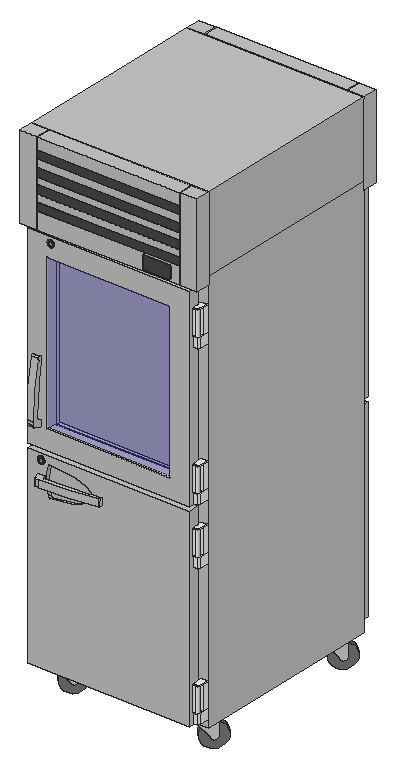
Revit family "QF_Turbo Air_PRO-26R-GSH-PT", category Specialty Equipment, Revit 2014 (continued)
Definition of nested family "QF_Turbo Air_RI-Solid Door"
  Automatic sketch dimensions
    Extrusion 3 sketch curve to Extrusion 3 sketch curve = 0' - 0.65261"
    plane 3 "LEFT" to Extrusion 3 sketch curve = 0' - 10.44723"
    Extrusion 3 sketch curve to Extrusion 3 sketch curve = 0' - 0 3/16"  (x2)
    Extrusion 3 sketch curve to Extrusion 3 sketch curve = 0' - 1 3/16"
    plane 3 "LEFT" to Extrusion 3 sketch curve = 0' - 3.31795"
    Extrusion 3 sketch curve to Extrusion 3 sketch curve = 0' - 0.16072"
    Extrusion 3 sketch curve to Extrusion 3 sketch curve = 0' - 0.37763"
    Extrusion 3 sketch curve to Extrusion 3 sketch curve = 0' - 0.3975"
    Extrusion 3 sketch curve to Extrusion 3 sketch curve = 0' - 0.61377"
    Extrusion 3 sketch curve to Extrusion 3 sketch curve = 0' - 1"
    Extrusion 3 sketch curve to Extrusion 3 sketch curve = 0' - 0"
    Extrusion 4 sketch curve to plane 20 "Hinges Front" = 0' - 0 7/16"  (x2)
    plane 1 "Door Back" to Extrusion 6 sketch curve = 0' - 0 1/4"
    plane 20 "Hinges Front" to Extrusion 7 sketch curve = 0' - 0"
    Extrusion 7 sketch curve to plane 20 "Hinges Front" = 0' - 0 7/16"  (x2)
    Extrusion 8 sketch curve to plane 20 "Hinges Front" = 0' - 0 7/16"  (x2)
    Extrusion 11 sketch curve to plane 20 "Hinges Front" = 0' - 0 7/16"  (x2)
    Extrusion 12 sketch curve to plane 20 "Hinges Front" = 0' - 0 7/16"  (x2)
    Extrusion 15 sketch curve to plane 20 "Hinges Front" = 0' - 0 7/16"  (x2)
    curve 12 to curve 12 = 0' - 0.05794"
    curve 18 to curve 17 = 0' - 0.09088"
    Extrusion 3 sketch curve to plane 21 "Hinges Back" = 3' - 1.37033"
    plane 1 "Door Back" to Extrusion 10 sketch curve = 0' - 0 1/4"
    plane 1 "Door Back" to Extrusion 14 sketch curve = 0' - 0 1/4"
    plane 21 "Hinges Back" to curve 5 = 0' - 0"
    radius of Extrusion 16 sketch curve = 0' - 0 9/16"
    radius of Extrusion 16 sketch curve = 0' - 0 5/16"
Definition of nested family "QF_Turbo Air_RI-Half Glass Door"
  Parameters (values of type "QF_Turbo Air_RI-Half Glass Door")
    Width [instance] = 2' - 4 3/4"
    Watermarked By = ""
    Symbolic Lines Handle [instance] = yes
    Symbolic Line [instance] = yes
    Height [instance] = 2' - 7 1/4"
  Reference planes (in)
    plane 1 "Door Back": y = 0
    plane 2: z = 0
    plane 3 "LEFT": x = -16.56573
    plane 4 "Door Front": y = -1.75
    plane 5 "RIGHT": x = 12.18427
    plane 6 "TOP": z = 31.25
    plane 7: x = -13.44073
    plane 8: x = 9.05927
    plane 9: z = 28.125
    plane 10: z = 3.125
    plane 11 "Handle CL": x = -15.00323
    plane 12 "Hinge Right": x = 13.4379
    plane 13 "Bottom Hinge Top": z = 6.00894
    plane 14 "Bottom Hinge Bottom": z = 0.25894
    plane 15: z = 1.88394
    plane 16 "BACK": y = 0.625
    plane 17: z = 28.75
    plane 18: z = 23
    plane 19: z = 24.625
  Forms (in)
    Extrusion 1, solid, material "QF_Stainless-Polished"
      sketch origin (0, 0, 0) x (1, 0, 0) y (0, 0, 1)
        loop
          line (-16.56573, 31.25) -> (-16.56573, 0) -> (12.18427, 0) -> (12.18427, 31.25) -> (-16.56573, 31.25)
        loop
          line (-13.44073, 28.125) -> (-13.44073, 3.125) -> (9.05927, 3.125) -> (9.05927, 28.125) -> (-13.44073, 28.125)
      from 0 to 1.75
    Extrusion 2, solid, material "QF_Glass-Cast-Clear"
      sketch origin (0, 0, 0) x (1, 0, 0) y (0, 0, 1)
        loop
          line (-13.44073, 28.125) -> (-13.44073, 3.125) -> (9.05927, 3.125) -> (9.05927, 28.125) -> (-13.44073, 28.125)
      from 0.25 to 1.5
    Extrusion 3, solid, material "QF_Stainless-Polished"
      sketch origin (-15.00323, 1.89763, 8.25) x (0, 1, 0) y (0, 0, 1)
        loop
          line (-3.64763, -5.125) -> (-3.64763, -4.125) -> (-4.30918, -3.7275)
          arc (-4.30918, -3.7275) -> (-4.37477, -3.66091) -> (-4.40006, -3.57092) r 0.1875
          arc (-4.40006, -3.57092) -> (-4.32015, 0.02086) -> (-3.92274, 3.59147) r 40.5625
          arc (-3.92274, 3.59147) -> (-3.85941, 3.70496) -> (-3.7375, 3.75) r 0.1875
          line (-3.7375, 3.75) -> (-3.64763, 3.75) -> (-3.64763, 5.125) -> (-3.93268, 5.125)
          arc (-3.93268, 5.125) -> (-4.0511, 5.08287) -> (-4.11631, 4.97542) r 0.1875
          arc (-4.11631, 4.97542) -> (-4.78246, 0.53653) -> (-4.96013, -3.94854) r 41.0625
          line (-4.96013, -3.94854) -> (-4.96013, -4.56232)
          arc (-4.96013, -4.56232) -> (-4.92432, -4.67253) -> (-4.83057, -4.74064) r 0.1875
          line (-4.83057, -4.74064) -> (-3.64763, -5.125)
      from -0.5625 to 0.5625
    Extrusion 4, void
      sketch origin (0, 0, 0) x (1, 0, 0) y (0, 0, 1)
        loop
          circle (-12.81573, 30.3125) r 0.5625
        loop
          circle (-12.81573, 30.3125) r 0.3125
      from 0 to 1.75
    Extrusion 5, solid, material "QF_Plastic-Black-Fine Textured"
      sketch origin (0, 0, 0) x (1, 0, 0) y (0, 0, 1)
        loop
          circle (-12.81573, 30.3125) r 0.5625
        loop
          circle (-12.81573, 30.3125) r 0.3125
      from 0 to 1.75
    Extrusion 6, solid, material "QF_Steel-Chrome Plated"
      sketch origin (0, 0, 0.25894) x (0, 1, 0) y (-1, 0, 0)
        loop
          line (0.625, -13.31588) -> (0.625, -12.24743) -> (-0.75, -12.3129) -> (-1.1875, -12.43783) -> (-1.1875, -13.12548) -> (-0.75, -13.2504) -> (0.625, -13.31588)
      from 0 to 1.625
    Extrusion 7, solid, material "QF_Steel-Chrome Plated"
      sketch origin (0, 0, 6.00894) x (0, 1, 0) y (-1, 0, 0)
        loop
          line (-0.5625, -12.1879) -> (-1.1875, -12.1879) -> (-1.1875, -12.78165)
          arc (-1.1875, -12.78165) -> (-0.875, -13.09415) -> (-0.5625, -12.78165) r 0.3125
          line (-0.5625, -12.78165) -> (-0.5625, -12.1879)
      from -0.125 to -4.125
    Extrusion 8, solid, material "QF_Steel-Chrome Plated"
      sketch origin (0, 0, 6.00894) x (0, 1, 0) y (-1, 0, 0)
        loop
          line (0.625, -12.24743) -> (-0.25, -12.2891) -> (-0.25, -13.27421) -> (0.625, -13.31588) -> (0.625, -12.24743)
      from -0.125 to -4.125
    Extrusion 9, solid, material "QF_Steel-Chrome Plated"
      sketch origin (0, 0, 6.00894) x (0, 1, 0) y (-1, 0, 0)
        loop
          line (0.625, -13.31588) -> (0.625, -12.24743) -> (-0.75, -12.3129) -> (-1.1875, -12.43783) -> (-1.1875, -13.12548) -> (-0.75, -13.2504) -> (0.625, -13.31588)
      from 0 to -0.125
    Extrusion 10, solid, material "QF_Steel-Chrome Plated"
      sketch origin (-237.49637, 20.99197, 23) x (0, 1, 0) y (-1, 0, 0)
        loop
          line (-20.36697, -250.81225) -> (-20.36697, -249.7438) -> (-21.74197, -249.80927) -> (-22.17947, -249.9342) -> (-22.17947, -250.62185) -> (-21.74197, -250.74677) -> (-20.36697, -250.81225)
      from 0 to 1.625
    Extrusion 11, solid, material "QF_Steel-Chrome Plated"
      sketch origin (-237.49637, 20.99197, 28.75) x (0, 1, 0) y (-1, 0, 0)
        loop
          line (-21.55447, -249.68427) -> (-22.17947, -249.68427) -> (-22.17947, -250.27802)
          arc (-22.17947, -250.27802) -> (-21.86697, -250.59052) -> (-21.55447, -250.27802) r 0.3125
          line (-21.55447, -250.27802) -> (-21.55447, -249.68427)
      from -0.125 to -4.125
    Extrusion 12, solid, material "QF_Steel-Chrome Plated"
      sketch origin (-237.49637, 20.99197, 28.75) x (0, 1, 0) y (-1, 0, 0)
        loop
          line (-20.36697, -249.7438) -> (-21.24197, -249.78547) -> (-21.24197, -250.77058) -> (-20.36697, -250.81225) -> (-20.36697, -249.7438)
      from -0.125 to -4.125
    Extrusion 13, solid, material "QF_Steel-Chrome Plated"
      sketch origin (-237.49637, 20.99197, 28.75) x (0, 1, 0) y (-1, 0, 0)
        loop
          line (-20.36697, -250.81225) -> (-20.36697, -249.7438) -> (-21.74197, -249.80927) -> (-22.17947, -249.9342) -> (-22.17947, -250.62185) -> (-21.74197, -250.74677) -> (-20.36697, -250.81225)
      from 0 to -0.125
  Cuts and joins
    Extrusion 4 cuts Extrusion 1
  Lines and regions (in)
    symbolic lines, visible <- "Symbolic Line"
      curve 1: line (-16.56573, 0, 0) -> (12.18427, 0, 0)
      curve 2: line (-16.56573, -1.75, 0) -> (-16.56573, 0, 0)
      curve 3: line (12.18427, -1.75, 0) -> (-16.56573, -1.75, 0)
      curve 4: line (12.18427, 0, 0) -> (12.18427, -1.75, 0)
    symbolic lines, visible <- "Symbolic Lines Handle"
      curve 5: line (-15.56573, -1.75, 0) -> (-15.56573, -3.06717, 0)
      curve 6: line (-15.56573, -3.06717, 0) -> (-14.44073, -3.06717, 0)
      curve 7: line (-14.44073, -3.06717, 0) -> (-14.44073, -1.75, 0)
  Dimensions and locks (in)
    locked: plane 4 "Door Front" to plane 1 "Door Back" at 1.75
    "Width": plane 5 "RIGHT" to plane 3 "LEFT"
    "Height": plane 6 "TOP" to plane 2
    locked: plane 3 "LEFT" to plane 7 at 3.125
    locked: plane 8 to plane 5 "RIGHT" at 3.125
    locked: plane 10 to level at 3.125
    locked: plane 6 "TOP" to plane 9 at 3.125
    equal spacing: plane 3 "LEFT", plane 11 "Handle CL", plane 7
    locked: Extrusion 4 sketch curve to plane 3 "LEFT" at 3.75  (x2)
    locked: plane 6 "TOP" to Extrusion 4 sketch curve at 0.9375  (x2)
    locked: plane 13 "Bottom Hinge Top" to plane 14 "Bottom Hinge Bottom" at 5.75
    locked: plane 15 to plane 14 "Bottom Hinge Bottom" at 1.625
    locked: Extrusion 6 sketch curve to Extrusion 6 sketch curve at 1.06845
    locked: Extrusion 6 sketch curve to Extrusion 6 sketch curve at 0.9375
    locked: Extrusion 6 sketch curve to plane 12 "Hinge Right" at 0.1875
    locked: Extrusion 6 sketch curve to Extrusion 6 sketch curve at 0.68764
    locked: Extrusion 6 sketch curve to plane 12 "Hinge Right" at 0.31243
    locked: Extrusion 8 sketch curve to Extrusion 8 sketch curve at 1.06845
    locked: Extrusion 8 sketch curve to plane 12 "Hinge Right" at 0.12202
    locked: Extrusion 8 sketch curve to Extrusion 8 sketch curve at 0.98512
    locked: Extrusion 8 sketch curve to plane 12 "Hinge Right" at 0.16369
    locked: Extrusion 9 sketch curve to Extrusion 9 sketch curve at 1.06845
    locked: Extrusion 9 sketch curve to Extrusion 9 sketch curve at 0.9375
    locked: Extrusion 9 sketch curve to Extrusion 9 sketch curve at 0.68764
    locked: Extrusion 9 sketch curve to plane 12 "Hinge Right" at 0.12202
    locked: Extrusion 9 sketch curve to plane 12 "Hinge Right" at 0.1875
    locked: Extrusion 9 sketch curve to plane 12 "Hinge Right" at 0.31243
    locked: plane 1 "Door Back" to plane 16 "BACK" at 0.625
    locked: plane 17 to plane 18 at 5.75
    locked: plane 19 to plane 18 at 1.625
    locked: plane 6 "TOP" to plane 17 at 2.5
    locked: Extrusion 10 sketch curve to Extrusion 10 sketch curve at 1.06845
    locked: Extrusion 10 sketch curve to Extrusion 10 sketch curve at 0.9375
    locked: Extrusion 10 sketch curve to Extrusion 10 sketch curve at 0.68764
    locked: Extrusion 12 sketch curve to Extrusion 12 sketch curve at 1.06845
    locked: Extrusion 12 sketch curve to Extrusion 12 sketch curve at 0.98512
    locked: Extrusion 13 sketch curve to Extrusion 13 sketch curve at 1.06845
    locked: Extrusion 13 sketch curve to Extrusion 13 sketch curve at 0.9375
    locked: Extrusion 13 sketch curve to Extrusion 13 sketch curve at 0.68764
    locked: Extrusion 6 sketch curve to plane 12 "Hinge Right" at 0.12202
    locked: plane 5 "RIGHT" to plane 12 "Hinge Right" at 1.25363
    aligned and locked: level to plane 2
    aligned and locked: Extrusion 1 sketch curve to plane 6 "TOP"
    aligned and locked: plane 3 "LEFT" to Extrusion 1 sketch curve
    aligned and locked: level to Extrusion 1 sketch curve
    aligned and locked: Extrusion 1 sketch curve to plane 5 "RIGHT"
    aligned and locked: Extrusion 1 sketch curve to plane 9
    aligned and locked: plane 7 to Extrusion 1 sketch curve
    aligned and locked: plane 10 to Extrusion 1 sketch curve
    aligned and locked: Extrusion 1 sketch curve to plane 8
    aligned and locked: plane 4 "Door Front" to Extrusion 1
    aligned and locked: Extrusion 2 sketch curve to plane 9
    aligned and locked: plane 7 to Extrusion 2 sketch curve
    aligned and locked: plane 10 to Extrusion 2 sketch curve
    aligned and locked: Extrusion 2 sketch curve to plane 8
    aligned and locked: plane 1 "Door Back" to curve 1
    aligned and locked: plane 3 "LEFT" to curve 2
    aligned and locked: curve 3 to plane 4 "Door Front"
    aligned and locked: curve 4 to plane 5 "RIGHT"
    aligned and locked: plane 4 "Door Front" to Extrusion 4
    aligned and locked: Extrusion 5 sketch curve to cut or joined group of Extrusion 1, Extrusion 4  (x4)
    aligned and locked: plane 4 "Door Front" to Extrusion 5
    aligned and locked: plane 15 to Extrusion 6
    aligned and locked: Extrusion 7 to plane 15
    aligned and locked: Extrusion 8 to plane 15
    aligned and locked: plane 19 to Extrusion 10
    aligned and locked: Extrusion 12 to plane 19
    aligned and locked: Extrusion 11 to plane 19
  Automatic sketch dimensions
    curve 6 to plane 11 "Handle CL" = 0' - 0 9/16"
    plane 11 "Handle CL" to curve 7 = 0' - 0 9/16"
    plane 4 "Door Front" to curve 5 = 0' - 1.31717"
    Extrusion 3 sketch curve to plane 4 "Door Front" = 0' - 0"  (x2)
    Extrusion 3 sketch curve to plane 10 = 0' - 0"
    plane 4 "Door Front" to Extrusion 3 sketch curve = 0' - 0.08987"
    plane 4 "Door Front" to Extrusion 3 sketch curve = 0' - 0.28505"
    plane 4 "Door Front" to Extrusion 3 sketch curve = 0' - 0.56498"
    Extrusion 3 sketch curve to Extrusion 3 sketch curve = 0' - 0.09657"
    Extrusion 3 sketch curve to Extrusion 3 sketch curve = 0' - 0.46345"
    plane 10 to Extrusion 3 sketch curve = 0' - 0.38436"
    Extrusion 3 sketch curve to Extrusion 3 sketch curve = 0' - 0.05794"
    Extrusion 3 sketch curve to Extrusion 3 sketch curve = 0' - 0 3/16"  (x3)
    Extrusion 3 sketch curve to plane 13 "Bottom Hinge Top" = 0' - 1.0879"
    Extrusion 3 sketch curve to plane 16 "BACK" = 3' - 1.37033"
    Extrusion 3 sketch curve to plane 13 "Bottom Hinge Top" = 0' - 0.43528"
    Extrusion 3 sketch curve to Extrusion 3 sketch curve = 0' - 0.05487"
    Extrusion 3 sketch curve to Extrusion 3 sketch curve = 0' - 1"
    Extrusion 3 sketch curve to Extrusion 3 sketch curve = 0' - 0.61377"
    Extrusion 3 sketch curve to Extrusion 3 sketch curve = 0' - 0.22104"
    Extrusion 3 sketch curve to Extrusion 3 sketch curve = 0' - 0.16072"
    plane 13 "Bottom Hinge Top" to Extrusion 3 sketch curve = 0' - 5.80357"
    Extrusion 3 sketch curve to Extrusion 3 sketch curve = 0' - 1 3/16"
    Extrusion 3 sketch curve to Extrusion 3 sketch curve = 0' - 0"
    plane 16 "BACK" to Extrusion 6 sketch curve = 0' - 0"
    plane 1 "Door Back" to Extrusion 6 sketch curve = 0' - 0 3/4"  (x2)
    Extrusion 6 sketch curve to Extrusion 6 sketch curve = 0' - 0 7/16"
    plane 5 "RIGHT" to Extrusion 7 sketch curve = 0' - 0.00363"
    Extrusion 7 sketch curve to plane 4 "Door Front" = 0' - 0 9/16"
    Extrusion 7 sketch curve to Extrusion 7 sketch curve = 0' - 0 5/16"
    Extrusion 7 sketch curve to Extrusion 7 sketch curve = 0' - 0 19/32"
    plane 16 "BACK" to Extrusion 8 sketch curve = 0' - 0"
    plane 1 "Door Back" to Extrusion 8 sketch curve = 0' - 0 1/4"
    plane 16 "BACK" to Extrusion 9 sketch curve = 0' - 0"
    plane 1 "Door Back" to Extrusion 9 sketch curve = 0' - 0 3/4"  (x2)
    Extrusion 9 sketch curve to Extrusion 9 sketch curve = 0' - 0 7/16"
    plane 16 "BACK" to Extrusion 10 sketch curve = 0' - 0"
    Extrusion 10 sketch curve to plane 12 "Hinge Right" = 0' - 0 3/16"
    plane 1 "Door Back" to Extrusion 10 sketch curve = 0' - 0 3/4"  (x2)
    Extrusion 10 sketch curve to Extrusion 10 sketch curve = 0' - 0 7/16"
    Extrusion 10 sketch curve to plane 12 "Hinge Right" = 0' - 0.12202"
    Extrusion 10 sketch curve to plane 12 "Hinge Right" = 0' - 0.31243"
    plane 5 "RIGHT" to Extrusion 11 sketch curve = 0' - 0.00363"
    Extrusion 11 sketch curve to plane 4 "Door Front" = 0' - 0 9/16"
    Extrusion 11 sketch curve to Extrusion 11 sketch curve = 0' - 0 5/16"
    Extrusion 11 sketch curve to Extrusion 11 sketch curve = 0' - 0 19/32"
    plane 16 "BACK" to Extrusion 12 sketch curve = 0' - 0"
    plane 1 "Door Back" to Extrusion 12 sketch curve = 0' - 0 1/4"
    Extrusion 12 sketch curve to plane 12 "Hinge Right" = 0' - 0.12202"
    Extrusion 12 sketch curve to plane 12 "Hinge Right" = 0' - 0.16369"
    plane 16 "BACK" to Extrusion 13 sketch curve = 0' - 0"
    Extrusion 13 sketch curve to plane 12 "Hinge Right" = 0' - 0 3/16"
    plane 1 "Door Back" to Extrusion 13 sketch curve = 0' - 0 3/4"  (x2)
    Extrusion 13 sketch curve to Extrusion 13 sketch curve = 0' - 0 7/16"
    Extrusion 13 sketch curve to plane 12 "Hinge Right" = 0' - 0.12202"
    Extrusion 13 sketch curve to plane 12 "Hinge Right" = 0' - 0.31243"
    radius of Extrusion 4 sketch curve = 0' - 0 9/16"
    radius of Extrusion 4 sketch curve = 0' - 0 5/16"
